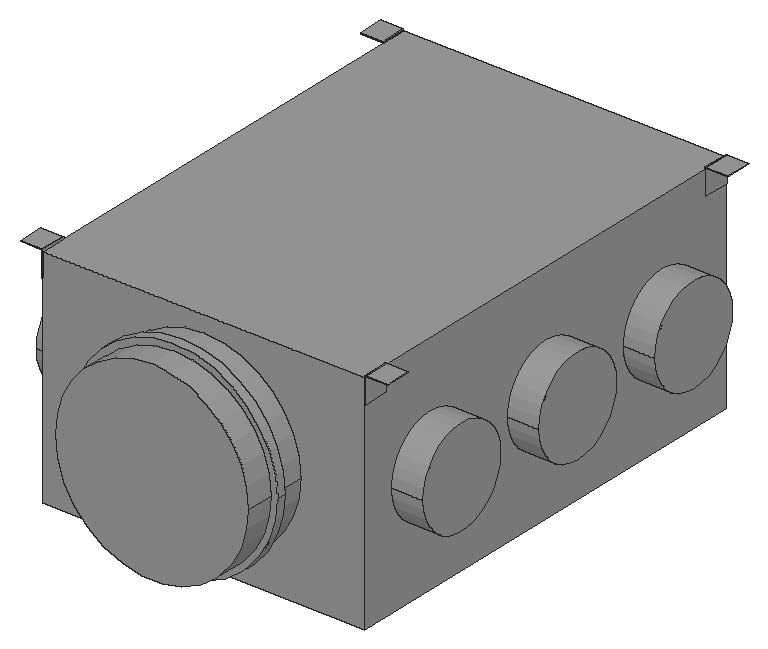
Revit family "FASU(F7-150 300Φ)", category ダクト付属品, Revit 2021
Family settings
  丸型コネクタ寸法 = 直径を使用
  パーツ タイプ = ダンパー
  OmniClass 番号 = 23.75.00.00
  OmniClass タイトル = Climate Control (HVAC)
  作業面ベース = いいえ
  常に垂直 = はい
  ロード時にボイドで切り取り = いいえ
  共有 = いいえ
Parameters
  高さ = 350 mm
  風量 = 0.0 L/s
  符号 = "FASU"
  形式 = "F7-150 300φ"
  幅 [instance] = 500 mm
  奥行き = 700 mm
  大きさ = 250 mm
  呼称 = "FASUチャンバー"
  付属品_下端レベル [instance] = 0 mm
  マテリアル [instance] = 既定値
  ダクト_イン = 300 mm
  ダクト_アウト = 150 mm
  既定の高さ = 0 mm
Reference planes
  plane 1 "中心(正面/背面)": y = 0
  plane 2: z = 0
  plane 3 "中心(左/右)": x = 0
  plane 4: x = -250
  plane 5: x = 250
  plane 6: y = -700
  plane 7: z = 350
  plane 8: z = 175
  plane 9: z = 266.963
  plane 10: z = 86.159
  plane 11: x = -251
  plane 12: z = 313.122
  plane 13: z = 352.122
  plane 14: y = -350
Forms (mm)
  Extrusion 1, solid, material "既定値" <- "マテリアル"
    sketch origin (0, 0, 0) x (1, 0, 0) y (0, 1, 0)
      loop
        line (-250, 0) -> (-250, -700) -> (250, -700) -> (250, 0) -> (-250, 0)
    from 0 to 350
  Extrusion 2, solid, material "既定値" <- "マテリアル"
    sketch origin (0, -30, 0) x (1, 0, 0) y (0, 1, 0)
      loop
        line (-250, 30) -> (-251, 30) -> (-251, -10) -> (-250, -10) -> (-250, 30)
    from 313.122 to 350
  Extrusion 3, solid, material "既定値" <- "マテリアル"
    sketch origin (0, -30, 0) x (1, 0, 0) y (0, 1, 0)
      loop
        line (-285, 30) -> (-285, -10) -> (-251, -10) -> (-251, 30) -> (-285, 30)
    from 352.122 to 350
  Extrusion 4, solid, material "既定値" <- "マテリアル"
    sketch origin (0, -30, 0) x (-1, 0, 0) y (0, -1, 0)
      loop
        line (-250, -30) -> (-250, 10) -> (-251, 10) -> (-251, -30) -> (-250, -30)
    from 313.122 to 353.122
  Extrusion 5, solid, material "既定値" <- "マテリアル"
    sketch origin (0, -30, 0) x (-1, 0, 0) y (0, -1, 0)
      loop
        line (-285, -30) -> (-251, -30) -> (-251, 10) -> (-285, 10) -> (-285, -30)
    from 352.122 to 353.122
  Extrusion 6, solid, material "既定値" <- "マテリアル"
    sketch origin (0, -490, 0) x (1, 0, 0) y (0, 1, 0)
      loop
        line (-285, -170) -> (-285, -210) -> (-251, -210) -> (-251, -170) -> (-285, -170)
    from 352.122 to 353.122
  Extrusion 7, solid, material "既定値" <- "マテリアル"
    sketch origin (0, -490, 0) x (1, 0, 0) y (0, 1, 0)
      loop
        line (-250, -170) -> (-251, -170) -> (-251, -210) -> (-250, -210) -> (-250, -170)
    from 313.122 to 353.122
  Extrusion 8, solid, material "既定値" <- "マテリアル"
    sketch origin (0, -490, 0) x (-1, 0, 0) y (0, -1, 0)
      loop
        line (-285, 170) -> (-251, 170) -> (-251, 210) -> (-285, 210) -> (-285, 170)
    from 352.122 to 353.122
  Extrusion 9, solid, material "既定値" <- "マテリアル"
    sketch origin (0, -490, 0) x (-1, 0, 0) y (0, -1, 0)
      loop
        line (-250, 170) -> (-250, 210) -> (-251, 210) -> (-251, 170) -> (-250, 170)
    from 313.122 to 353.122
  Extrusion 10, solid, material "既定値" <- "マテリアル"
    sketch origin (550, -582.5, 0) x (0, -1, 0) y (0, 0, -1)
      loop
        circle (-232.5, -175) r 74.985
    from -300 to -250
  Extrusion 11, solid, material "既定値" <- "マテリアル"
    sketch origin (-550, -582.5, 0) x (0, -1, 0) y (0, 0, 1)
      loop
        circle (-232.5, 175) r 74.985
    from -300 to -250
  Extrusion 12, solid, material "既定値" <- "マテリアル"
    sketch origin (0, -700, 0) x (1, 0, 0) y (0, 0, 1)
      loop
        circle (0, 175) r 150
    from 0 to 42.5
  Extrusion 13, solid, material "既定値" <- "マテリアル"
    sketch origin (0, -743, 0) x (1, 0, 0) y (0, 0, 1)
      loop
        circle (0, 175) r 160
    from -0.5 to 14.5
  Extrusion 14, solid, material "既定値" <- "マテリアル"
    sketch origin (0, -757.5, 0) x (1, 0, 0) y (0, 0, 1)
      loop
        circle (0, 175) r 150
    from 0 to 42.5
  Extrusion 15, solid, material "既定値" <- "マテリアル"
    sketch origin (550, -357.5, 0) x (0, -1, 0) y (0, 0, -1)
      loop
        circle (-232.5, -175) r 74.985
    from -300 to -250
  Extrusion 16, solid, material "既定値" <- "マテリアル"
    sketch origin (-550, -357.5, 0) x (0, -1, 0) y (0, 0, 1)
      loop
        circle (-232.5, 175) r 74.985
    from -300 to -250
  Extrusion 17, solid, material "既定値" <- "マテリアル"
    sketch origin (550, -142.5, 0) x (0, 1, 0) y (0, 0, 1)
      loop
        circle (-432.5, 175) r 74.985
    from -300 to -250
  Extrusion 18, solid, material "既定値" <- "マテリアル"
    sketch origin (0, -142.5, 0) x (0, 1, 0) y (0, 0, 1)
      loop
        circle (-432.5, 175) r 74.985
    from -300 to -250
  Extrusion 19, solid, material "既定値" <- "マテリアル"
    sketch origin (232.5, 300, 0) x (1, 0, 0) y (0, 0, -1)
      loop
        circle (-232.5, -175) r 74.985
    from -300 to -250
Lines and regions (mm)
  model lines
    curve 1: line (-250, -30, 0) -> (250, -30, 0)
    curve 2: line (-250, -670, 0) -> (250, -670, 0)
Text (mm)
  text "FASU(F7-150 300Φ)" at (3.713, -630.412, 0), in view "参照レベル"
Dimensions and locks
  equal spacing: plane 4, plane 3 "中心(左/右)", plane 5
  "幅": plane 4 to plane 5
  "奥行き": plane 6 to plane 1 "中心(正面/背面)"
  "高さ": plane 7 to level
  equal spacing: plane 7, plane 8, level
  equal spacing: plane 6, plane 14, plane 1 "中心(正面/背面)"
  aligned and locked: level to plane 2
  aligned and locked: Extrusion 1 sketch curve to plane 5
  aligned and locked: plane 7 to Extrusion 1
  aligned and locked: Extrusion 2 sketch curve to Extrusion 1
  aligned and locked: plane 7 to Extrusion 2
  aligned and locked: Extrusion 3 sketch curve to Extrusion 2
  aligned and locked: Extrusion 2 to Extrusion 3 sketch curve
  aligned and locked: plane 7 to Extrusion 3
  aligned and locked: Extrusion 3 to plane 13
  aligned and locked: Extrusion 4 to Extrusion 5 sketch curve
  aligned and locked: Extrusion 5 sketch curve to Extrusion 4
  aligned and locked: Extrusion 1 to Extrusion 8
  aligned and locked: Extrusion 6 to Extrusion 1
  aligned and locked: Extrusion 7 to Extrusion 1
  aligned and locked: Extrusion 1 to Extrusion 9
  aligned and locked: Extrusion 9 to Extrusion 8
  aligned and locked: Extrusion 7 to Extrusion 6
  aligned and locked: plane 4 to Extrusion 7
  aligned and locked: Extrusion 9 to plane 5
  aligned and locked: plane 4 to curve 1
  aligned and locked: plane 5 to curve 1
  aligned and locked: plane 5 to curve 2
  aligned and locked: Extrusion 1 to Extrusion 3
  aligned and locked: Extrusion 5 to Extrusion 1
  aligned and locked: Extrusion 4 to plane 5
  aligned and locked: Extrusion 1 to plane 6
  aligned and locked: Extrusion 1 to plane 1 "中心(正面/背面)"
  aligned and locked: plane 6 to Extrusion 12
  aligned and locked: Extrusion 15 to plane 5
  aligned and locked: plane 4 to Extrusion 16
  aligned and locked: Extrusion 17 to plane 5
  aligned and locked: plane 4 to Extrusion 18
Automatic sketch dimensions
  curve 2 to plane 4 = 0 mm
  plane 6 to curve 2 = 30 mm
  plane 1 "中心(正面/背面)" to curve 1 = 30 mm
  Extrusion 1 sketch curve to plane 4 = 0 mm
  Extrusion 1 sketch curve to plane 6 = 0 mm
  plane 1 "中心(正面/背面)" to Extrusion 1 sketch curve = 0 mm
  plane 1 "中心(正面/背面)" to Extrusion 2 sketch curve = 0 mm
  Extrusion 2 sketch curve to plane 11 = 0 mm
  Extrusion 2 sketch curve to Extrusion 2 sketch curve = 40 mm
  plane 1 "中心(正面/背面)" to Extrusion 3 sketch curve = 0 mm
  Extrusion 3 sketch curve to Extrusion 3 sketch curve = 34 mm
  plane 1 "中心(正面/背面)" to Extrusion 4 sketch curve = 0 mm
  Extrusion 4 sketch curve to plane 5 = 0 mm
  Extrusion 4 sketch curve to Extrusion 4 sketch curve = 1 mm
  Extrusion 4 sketch curve to Extrusion 4 sketch curve = 40 mm
  plane 1 "中心(正面/背面)" to Extrusion 5 sketch curve = 0 mm
  Extrusion 5 sketch curve to Extrusion 5 sketch curve = 34 mm
  Extrusion 6 sketch curve to plane 6 = 0 mm
  Extrusion 6 sketch curve to plane 11 = 0 mm
  Extrusion 6 sketch curve to plane 11 = 34 mm
  plane 6 to Extrusion 6 sketch curve = 40 mm
  Extrusion 7 sketch curve to plane 11 = 0 mm
  Extrusion 7 sketch curve to plane 4 = 0 mm
  Extrusion 7 sketch curve to plane 6 = 0 mm
  plane 6 to Extrusion 7 sketch curve = 40 mm
  Extrusion 8 sketch curve to plane 6 = 0 mm
  Extrusion 8 sketch curve to plane 5 = 35 mm
  Extrusion 8 sketch curve to plane 5 = 1 mm
  Extrusion 8 sketch curve to Extrusion 8 sketch curve = 40 mm
  Extrusion 9 sketch curve to plane 6 = 0 mm
  Extrusion 9 sketch curve to plane 5 = 0 mm
  Extrusion 9 sketch curve to Extrusion 9 sketch curve = 1 mm
  Extrusion 9 sketch curve to Extrusion 9 sketch curve = 40 mm
  Extrusion 10 sketch curve to plane 8 = 0 mm
  Extrusion 10 sketch curve to plane 14 = 0 mm
  Extrusion 11 sketch curve to plane 8 = 0 mm
  Extrusion 11 sketch curve to plane 14 = 0 mm
  Extrusion 12 sketch curve to plane 3 "中心(左/右)" = 0 mm
  Extrusion 12 sketch curve to plane 8 = 0 mm
  Extrusion 13 sketch curve to plane 3 "中心(左/右)" = 0 mm
  Extrusion 13 sketch curve to plane 8 = 0 mm
  Extrusion 14 sketch curve to plane 3 "中心(左/右)" = 0 mm
  Extrusion 14 sketch curve to plane 8 = 0 mm
  Extrusion 15 sketch curve to plane 8 = 0 mm
  plane 1 "中心(正面/背面)" to Extrusion 15 sketch curve = 125 mm
  Extrusion 16 sketch curve to plane 8 = 0 mm
  plane 1 "中心(正面/背面)" to Extrusion 16 sketch curve = 125 mm
  Extrusion 17 sketch curve to plane 8 = 0 mm
  plane 6 to Extrusion 17 sketch curve = 125 mm
  Extrusion 18 sketch curve to plane 8 = 0 mm
  plane 6 to Extrusion 18 sketch curve = 125 mm
  Extrusion 19 sketch curve to plane 3 "中心(左/右)" = 0 mm
  Extrusion 19 sketch curve to plane 8 = 0 mm
  radius of Extrusion 10 sketch curve = 74.985 mm
  radius of Extrusion 11 sketch curve = 74.985 mm
  radius of Extrusion 12 sketch curve = 150 mm
  radius of Extrusion 13 sketch curve = 160 mm
  radius of Extrusion 14 sketch curve = 150 mm
  radius of Extrusion 15 sketch curve = 74.985 mm
  radius of Extrusion 16 sketch curve = 74.985 mm
  radius of Extrusion 17 sketch curve = 74.985 mm
  radius of Extrusion 18 sketch curve = 74.985 mm
  radius of Extrusion 19 sketch curve = 74.985 mm
Connectors
  hvac at (-300, -575, 175), driven by "ダクト_アウト"
    settings: on Extrusion 18, index 1, duct flow 0.0 L/s, flow factor 0, pres drop 0.0 Pa, loss coef 0, conn angle 0.00°, conn width 304.8 mm, conn height 304.8 mm, conn diameter 150 mm, duct sys type 29, conn prof type 0, flow config 0, flow direction 2, loss method 0, conn ref index -1, conn util no, is conn primary yes, conn desc ""
  hvac at (-300, -350, 175), driven by "ダクト_アウト"
    settings: on Extrusion 11, index 2, duct flow 0.0 L/s, flow factor 0, pres drop 0.0 Pa, loss coef 0, conn angle 0.00°, conn width 304.8 mm, conn height 304.8 mm, conn diameter 150 mm, duct sys type 29, conn prof type 0, flow config 0, flow direction 2, loss method 0, conn ref index -1, conn util no, is conn primary no, conn desc ""
  hvac at (-300, -125, 175), driven by "ダクト_アウト"
    settings: on Extrusion 16, index 3, duct flow 0.0 L/s, flow factor 0, pres drop 0.0 Pa, loss coef 0, conn angle 0.00°, conn width 304.8 mm, conn height 304.8 mm, conn diameter 150 mm, duct sys type 29, conn prof type 0, flow config 0, flow direction 2, loss method 0, conn ref index -1, conn util no, is conn primary no, conn desc ""
  hvac at (0, 50, 175), driven by "ダクト_アウト"
    settings: on Extrusion 19, index 4, duct flow 0.0 L/s, flow factor 0, pres drop 0.0 Pa, loss coef 0, conn angle 0.00°, conn width 304.8 mm, conn height 304.8 mm, conn diameter 150 mm, duct sys type 29, conn prof type 0, flow config 0, flow direction 2, loss method 0, conn ref index -1, conn util no, is conn primary no, conn desc ""
  hvac at (300, -125, 175), driven by "ダクト_アウト"
    settings: on Extrusion 15, index 5, duct flow 0.0 L/s, flow factor 0, pres drop 0.0 Pa, loss coef 0, conn angle 0.00°, conn width 304.8 mm, conn height 304.8 mm, conn diameter 150 mm, duct sys type 29, conn prof type 0, flow config 0, flow direction 2, loss method 0, conn ref index -1, conn util no, is conn primary no, conn desc ""
  hvac at (300, -350, 175), driven by "ダクト_アウト"
    settings: on Extrusion 10, index 6, duct flow 0.0 L/s, flow factor 0, pres drop 0.0 Pa, loss coef 0, conn angle 0.00°, conn width 304.8 mm, conn height 304.8 mm, conn diameter 150 mm, duct sys type 29, conn prof type 0, flow config 0, flow direction 2, loss method 0, conn ref index -1, conn util no, is conn primary no, conn desc ""
  hvac at (300, -575, 175), driven by "ダクト_アウト"
    settings: on Extrusion 17, index 7, duct flow 0.0 L/s, flow factor 0, pres drop 0.0 Pa, loss coef 0, conn angle 0.00°, conn width 304.8 mm, conn height 304.8 mm, conn diameter 150 mm, duct sys type 29, conn prof type 0, flow config 0, flow direction 2, loss method 0, conn ref index -1, conn util no, is conn primary no, conn desc ""
  hvac at (0, -800, 175), driven by "ダクト_イン"
    settings: on Extrusion 14, index 8, duct flow 0.0 L/s, flow factor 0, pres drop 0.0 Pa, loss coef 0, conn angle 0.00°, conn width 304.8 mm, conn height 304.8 mm, conn diameter 300 mm, duct sys type 29, conn prof type 0, flow config 0, flow direction 1, loss method 0, conn ref index -1, conn util no, is conn primary no, conn desc ""
